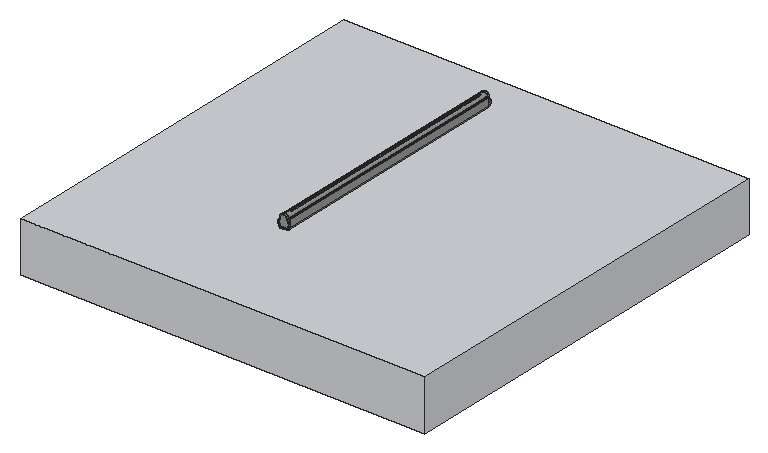
Revit family "L-trade II 65", category Осветительные приборы, Revit 2017 (continued)
Types (6, lengths in mm): name | Цветовая температура | Световой поток светильника | Кривая сил света | Wattage | built-in parameter 1150134 | Файл фотометрической сетки | built-in parameter 1150142 | built-in parameter 1150105 | Lumens | built-in parameter 1150107 | built-in parameter 1150106 | Manufacturer | Артикул
  L-trade II 65 5.0K К15 | 5000 K | 7411 lm | "К15" | 49.8916 W | 2 | "L-trade II 65-22-K15-5.0-01.ies" | "IESNA:LM-63-1995\r\n[TEST]LEDEL\r\n[DATA]17.01.2017\r\n[MANUFAC]LEDEL\r\n[LUMCAT]L-trade II 65/65/К15/5.0/01\r\n[LUMINAIRE]Для освещения торговых залов, промышленных помещений, складов, магазинов, спортивных сооружений и т.д.  \r\n[LAMPCAT]LED\r\n[LAMP]OSRAM SQUARE\r\nTILT=NONE\r\n\r\n1 7411 1.14597 37 19 1 2 1.531 0.05 0.123\r\n\r\n1 1 65\r\n\r\n  0 2.5 5 7.5 10 12.5 15 17.5 20 22.5 25 27.5 30 32.5 35 37.5 40 42.5 45 47.5\r\n 50 52.5 55 57.5 60 62.5 65 67.5 70 72.5 75 77.5 80 82.5 85 87.5 90\r\n\r\n  0 5 10 15 20 25 30 35 40 45 50 55 60 65 70 75\r\n  80 85 90 \r\n\r\n  31577 30708 27040 21987 16469 11472 7577 4708 2995 2122 1611 1250 953 863 658\r\n  625 522 444 363 308 295 182 227 241 159 137 91 126 114 81\r\n  69 46 46 116 69 11 69\r\n  31509 30761 27290 22294 16742 11699 7759 4893 3108 2133 1611 1271 999 863 681\r\n  601 568 454 363 283 318 287 273 203 182 137 69 102 91 56\r\n  91 46 91 32 69 70 91\r\n  31509 30761 27290 22294 16742 11699 7759 4893 3108 2133 1611 1271 999 863 681\r\n  601 568 454 363 283 318 287 273 203 182 137 69 102 91 56\r\n  91 46 91 32 69 70 91\r\n  31509 30761 27290 22294 16742 11699 7759 4893 3108 2133 1611 1271 999 863 681\r\n  601 568 454 363 283 318 287 273 203 182 137 69 102 91 56\r\n  91 46 91 32 69 70 91\r\n  31509 30761 27290 22294 16742 11699 7759 4893 3108 2133 1611 1271 999 863 681\r\n  601 568 454 363 283 318 287 273 203 182 137 69 102 91 56\r\n  91 46 91 32 69 70 91\r\n  31509 30761 27290 22294 16742 11699 7759 4893 3108 2133 1611 1271 999 863 681\r\n  601 568 454 363 283 318 287 273 203 182 137 69 102 91 56\r\n  91 46 91 32 69 70 91\r\n  31509 30761 27290 22294 16742 11699 7759 4893 3108 2133 1611 1271 999 863 681\r\n  601 568 454 363 283 318 287 273 203 182 137 69 102 91 56\r\n  91 46 91 32 69 70 91\r\n  31509 30761 27290 22294 16742 11699 7759 4893 3108 2133 1611 1271 999 863 681\r\n  601 568 454 363 283 318 287 273 203 182 137 69 102 91 56\r\n  91 46 91 32 69 70 91\r\n  31509 30761 27290 22294 16742 11699 7759 4893 3108 2133 1611 1271 999 863 681\r\n  601 568 454 363 283 318 287 273 203 182 137 69 102 91 56\r\n  91 46 91 32 69 70 91\r\n  31509 30761 27290 22294 16742 11699 7759 4893 3108 2133 1611 1271 999 863 681\r\n  601 568 454 363 283 318 287 273 203 182 137 69 102 91 56\r\n  91 46 91 32 69 70 91\r\n  31509 30761 27290 22294 16742 11699 7759 4893 3108 2133 1611 1271 999 863 681\r\n  601 568 454 363 283 318 287 273 203 182 137 69 102 91 56\r\n  91 46 91 32 69 70 91\r\n  31509 30761 27290 22294 16742 11699 7759 4893 3108 2133 1611 1271 999 863 681\r\n  601 568 454 363 283 318 287 273 203 182 137 69 102 91 56\r\n  91 46 91 32 69 70 91\r\n  31509 30761 27290 22294 16742 11699 7759 4893 3108 2133 1611 1271 999 863 681\r\n  601 568 454 363 283 318 287 273 203 182 137 69 102 91 56\r\n  91 46 91 32 69 70 91\r\n  31509 30761 27290 22294 16742 11699 7759 4893 3108 2133 1611 1271 999 863 681\r\n  601 568 454 363 283 318 287 273 203 182 137 69 102 91 56\r\n  91 46 91 32 69 70 91\r\n  31509 30761 27290 22294 16742 11699 7759 4893 3108 2133 1611 1271 999 863 681\r\n  601 568 454 363 283 318 287 273 203 182 137 69 102 91 56\r\n  91 46 91 32 69 70 91\r\n  31509 30761 27290 22294 16742 11699 7759 4893 3108 2133 1611 1271 999 863 681\r\n  601 568 454 363 283 318 287 273 203 182 137 69 102 91 56\r\n  91 46 91 32 69 70 91\r\n  31509 30761 27290 22294 16742 11699 7759 4893 3108 2133 1611 1271 999 863 681\r\n  601 568 454 363 283 318 287 273 203 182 137 69 102 91 56\r\n  91 46 91 32 69 70 91\r\n  31509 30761 27290 22294 16742 11699 7759 4893 3108 2133 1611 1271 999 863 681\r\n  601 568 454 363 283 318 287 273 203 182 137 69 102 91 56\r\n  91 46 91 32 69 70 91\r\n  31509 30761 27290 22294 16742 11699 7759 4893 3108 2133 1611 1271 999 863 681\r\n  601 568 454 363 283 318 287 273 203 182 137 69 102 91 56\r\n  91 46 91 32 69 70 91\r\n  31509 29215 24772 19310 13883 9353 5921 3672 2382 1770 1384 1100 863 681 636\r\n  545 454 409 341 273 273 182 182 137 159 137 114 126 114 91\r\n  69 91 46 46 46 46 23\r\n  31509 29215 24772 19310 13883 9353 5921 3672 2382 1770 1384 1100 863 681 636\r\n  545 454 409 341 273 273 182 182 137 159 137 114 126 114 91\r\n  69 91 46 46 46 46 23\r\n  31509 29215 24772 19310 13883 9353 5921 3672 2382 1770 1384 1100 863 681 636\r\n  545 454 409 341 273 273 182 182 137 159 137 114 126 114 91\r\n  69 91 46 46 46 46 23\r\n  31509 29215 24772 19310 13883 9353 5921 3672 2382 1770 1384 1100 863 681 636\r\n  545 454 409 341 273 273 182 182 137 159 137 114 126 114 91\r\n  69 91 46 46 46 46 23\r\n  31509 29215 24772 19310 13883 9353 5921 3672 2382 1770 1384 1100 863 681 636\r\n  545 454 409 341 273 273 182 182 137 159 137 114 126 114 91\r\n  69 91 46 46 46 46 23\r\n  31509 29215 24772 19310 13883 9353 5921 3672 2382 1770 1384 1100 863 681 636\r\n  545 454 409 341 273 273 182 182 137 159 137 114 126 114 91\r\n  69 91 46 46 46 46 23\r\n  31509 29215 24772 19310 13883 9353 5921 3672 2382 1770 1384 1100 863 681 636\r\n  545 454 409 341 273 273 182 182 137 159 137 114 126 114 91\r\n  69 91 46 46 46 46 23\r\n  31509 29215 24772 19310 13883 9353 5921 3672 2382 1770 1384 1100 863 681 636\r\n  545 454 409 341 273 273 182 182 137 159 137 114 126 114 91\r\n  69 91 46 46 46 46 23\r\n  31509 29215 24772 19310 13883 9353 5921 3672 2382 1770 1384 1100 863 681 636\r\n  545 454 409 341 273 273 182 182 137 159 137 114 126 114 91\r\n  69 91 46 46 46 46 23\r\n  31509 29215 24772 19310 13883 9353 5921 3672 2382 1770 1384 1100 863 681 636\r\n  545 454 409 341 273 273 182 182 137 159 137 114 126 114 91\r\n  69 91 46 46 46 46 23\r\n  31509 29215 24772 19310 13883 9353 5921 3672 2382 1770 1384 1100 863 681 636\r\n  545 454 409 341 273 273 182 182 137 159 137 114 126 114 91\r\n  69 91 46 46 46 46 23\r\n  31509 29215 24772 19310 13883 9353 5921 3672 2382 1770 1384 1100 863 681 636\r\n  545 454 409 341 273 273 182 182 137 159 137 114 126 114 91\r\n  69 91 46 46 46 46 23\r\n  31509 29215 24772 19310 13883 9353 5921 3672 2382 1770 1384 1100 863 681 636\r\n  545 454 409 341 273 273 182 182 137 159 137 114 126 114 91\r\n  69 91 46 46 46 46 23\r\n  31509 29215 24772 19310 13883 9353 5921 3672 2382 1770 1384 1100 863 681 636\r\n  545 454 409 341 273 273 182 182 137 159 137 114 126 114 91\r\n  69 91 46 46 46 46 23\r\n  31509 29215 24772 19310 13883 9353 5921 3672 2382 1770 1384 1100 863 681 636\r\n  545 454 409 341 273 273 182 182 137 159 137 114 126 114 91\r\n  69 91 46 46 46 46 23\r\n  31509 29215 24772 19310 13883 9353 5921 3672 2382 1770 1384 1100 863 681 636\r\n  545 454 409 341 273 273 182 182 137 159 137 114 126 114 91\r\n  69 91 46 46 46 46 23\r\n  31509 29215 24772 19310 13883 9353 5921 3672 2382 1770 1384 1100 863 681 636\r\n  545 454 409 341 273 273 182 182 137 159 137 114 126 114 91\r\n  69 91 46 46 46 46 23\r\n  31577 29407 25044 19617 14156 9570 6057 3832 2450 1780 1384 1124 863 681 636\r\n  545 454 409 341 283 295 203 227 137 137 137 114 91 91 91\r\n  69 91 23 35 46 46 46\r\n\r\n" | 589.75 (stored number, unit not read) | 7411 lm | 5000 (stored number, unit not read) | 5.8975 (stored number, unit not read) | "LEDEL" | "210037"
  L-trade II 65 4.0K Г30 | 4000 K | 7433 lm | "Г30" | 50.0397 W | 12 | "L-trade II 65-22-G30-4.0-01.ies" | "IESNA:LM-63-1995\r\n[TEST]LEDEL\r\n[DATA]17.07.2017\r\n[MANUFAC]LEDEL\r\n[LUMCAT]L-Trade II 65/65/Г30/4.0/01\r\n[LUMINAIRE]Для освещения торговых залов, промышленных помещений, складов, магазинов, спортивных сооружений и т.д.  \r\n[LAMPCAT]LED\r\n[LAMP]OSRAM SQUARE\r\nTILT=NONE\r\n\r\n1 7433 1.229204 37 19 1 2 1.531 0.05 0.123\r\n\r\n1 1 65\r\n\r\n\r\n\r\n 0 2.5 5 7.5 10 12.5 15 17.5 20 22.5 25 27.5 30 32.5 35 37.5 40 42.5 45 47.5\r\n 50 52.5 55 57.5 60 62.5 65 67.5 70 72.5 75 77.5 80 82.5 85 87.5 90\r\n\r\n  0 5 10 15 20 25 30 35 40 45 50 55 60 65 70 75\r\n  80 85 90\r\n\r\n  13407 13223 12454 11253 9778 8270 6829 5515 4416 3502 2776 2195 1717 1373 1112\r\n  889 734 605 515 439 379 318 295 269 242 197 182 152 137 121\r\n  106 103 61 61 46 46 53\r\n  13392 13245 12515 11325 9861 8346 6897 5582 4462 3544 2813 2208 1732 1377 1112\r\n  893 726 617 515 451 386 341 295 273 227 220 190 152 137 121\r\n  99 95 76 49 46 34 53\r\n  13392 13245 12515 11325 9861 8346 6897 5582 4462 3544 2813 2208 1732 1377 1112\r\n  893 726 617 515 451 386 341 295 273 227 220 190 152 137 121\r\n  99 95 76 49 46 34 53\r\n  13392 13245 12515 11325 9861 8346 6897 5582 4462 3544 2813 2208 1732 1377 1112\r\n  893 726 617 515 451 386 341 295 273 227 220 190 152 137 121\r\n  99 95 76 49 46 34 53\r\n  13392 13245 12515 11325 9861 8346 6897 5582 4462 3544 2813 2208 1732 1377 1112\r\n  893 726 617 515 451 386 341 295 273 227 220 190 152 137 121\r\n  99 95 76 49 46 34 53\r\n  13392 13245 12515 11325 9861 8346 6897 5582 4462 3544 2813 2208 1732 1377 1112\r\n  893 726 617 515 451 386 341 295 273 227 220 190 152 137 121\r\n  99 95 76 49 46 34 53\r\n  13392 13245 12515 11325 9861 8346 6897 5582 4462 3544 2813 2208 1732 1377 1112\r\n  893 726 617 515 451 386 341 295 273 227 220 190 152 137 121\r\n  99 95 76 49 46 34 53\r\n  13392 13245 12515 11325 9861 8346 6897 5582 4462 3544 2813 2208 1732 1377 1112\r\n  893 726 617 515 451 386 341 295 273 227 220 190 152 137 121\r\n  99 95 76 49 46 34 53\r\n  13392 13245 12515 11325 9861 8346 6897 5582 4462 3544 2813 2208 1732 1377 1112\r\n  893 726 617 515 451 386 341 295 273 227 220 190 152 137 121\r\n  99 95 76 49 46 34 53\r\n  13392 13245 12515 11325 9861 8346 6897 5582 4462 3544 2813 2208 1732 1377 1112\r\n  893 726 617 515 451 386 341 295 273 227 220 190 152 137 121\r\n  99 95 76 49 46 34 53\r\n  13392 13245 12515 11325 9861 8346 6897 5582 4462 3544 2813 2208 1732 1377 1112\r\n  893 726 617 515 451 386 341 295 273 227 220 190 152 137 121\r\n  99 95 76 49 46 34 53\r\n  13392 13245 12515 11325 9861 8346 6897 5582 4462 3544 2813 2208 1732 1377 1112\r\n  893 726 617 515 451 386 341 295 273 227 220 190 152 137 121\r\n  99 95 76 49 46 34 53\r\n  13392 13245 12515 11325 9861 8346 6897 5582 4462 3544 2813 2208 1732 1377 1112\r\n  893 726 617 515 451 386 341 295 273 227 220 190 152 137 121\r\n  99 95 76 49 46 34 53\r\n  13392 13245 12515 11325 9861 8346 6897 5582 4462 3544 2813 2208 1732 1377 1112\r\n  893 726 617 515 451 386 341 295 273 227 220 190 152 137 121\r\n  99 95 76 49 46 34 53\r\n  13392 13245 12515 11325 9861 8346 6897 5582 4462 3544 2813 2208 1732 1377 1112\r\n  893 726 617 515 451 386 341 295 273 227 220 190 152 137 121\r\n  99 95 76 49 46 34 53\r\n  13392 13245 12515 11325 9861 8346 6897 5582 4462 3544 2813 2208 1732 1377 1112\r\n  893 726 617 515 451 386 341 295 273 227 220 190 152 137 121\r\n  99 95 76 49 46 34 53\r\n  13392 13245 12515 11325 9861 8346 6897 5582 4462 3544 2813 2208 1732 1377 1112\r\n  893 726 617 515 451 386 341 295 273 227 220 190 152 137 121\r\n  99 95 76 49 46 34 53\r\n  13392 13245 12515 11325 9861 8346 6897 5582 4462 3544 2813 2208 1732 1377 1112\r\n  893 726 617 515 451 386 341 295 273 227 220 190 152 137 121\r\n  99 95 76 49 46 34 53\r\n  13392 13245 12515 11325 9861 8346 6897 5582 4462 3544 2813 2208 1732 1377 1112\r\n  893 726 617 515 451 386 341 295 273 227 220 190 152 137 121\r\n  99 95 76 49 46 34 53\r\n  13392 12956 12038 10755 9324 7870 6519 5292 4250 3360 2692 2125 1679 1327 1067\r\n  878 704 594 515 427 371 325 288 234 205 182 152 137 114 91\r\n  61 46 46 31 23 16 31\r\n  13392 12956 12038 10755 9324 7870 6519 5292 4250 3360 2692 2125 1679 1327 1067\r\n  878 704 594 515 427 371 325 288 234 205 182 152 137 114 91\r\n  61 46 46 31 23 16 31\r\n  13392 12956 12038 10755 9324 7870 6519 5292 4250 3360 2692 2125 1679 1327 1067\r\n  878 704 594 515 427 371 325 288 234 205 182 152 137 114 91\r\n  61 46 46 31 23 16 31\r\n  13392 12956 12038 10755 9324 7870 6519 5292 4250 3360 2692 2125 1679 1327 1067\r\n  878 704 594 515 427 371 325 288 234 205 182 152 137 114 91\r\n  61 46 46 31 23 16 31\r\n  13392 12956 12038 10755 9324 7870 6519 5292 4250 3360 2692 2125 1679 1327 1067\r\n  878 704 594 515 427 371 325 288 234 205 182 152 137 114 91\r\n  61 46 46 31 23 16 31\r\n  13392 12956 12038 10755 9324 7870 6519 5292 4250 3360 2692 2125 1679 1327 1067\r\n  878 704 594 515 427 371 325 288 234 205 182 152 137 114 91\r\n  61 46 46 31 23 16 31\r\n  13392 12956 12038 10755 9324 7870 6519 5292 4250 3360 2692 2125 1679 1327 1067\r\n  878 704 594 515 427 371 325 288 234 205 182 152 137 114 91\r\n  61 46 46 31 23 16 31\r\n  13392 12956 12038 10755 9324 7870 6519 5292 4250 3360 2692 2125 1679 1327 1067\r\n  878 704 594 515 427 371 325 288 234 205 182 152 137 114 91\r\n  61 46 46 31 23 16 31\r\n  13392 12956 12038 10755 9324 7870 6519 5292 4250 3360 2692 2125 1679 1327 1067\r\n  878 704 594 515 427 371 325 288 234 205 182 152 137 114 91\r\n  61 46 46 31 23 16 31\r\n  13392 12956 12038 10755 9324 7870 6519 5292 4250 3360 2692 2125 1679 1327 1067\r\n  878 704 594 515 427 371 325 288 234 205 182 152 137 114 91\r\n  61 46 46 31 23 16 31\r\n  13392 12956 12038 10755 9324 7870 6519 5292 4250 3360 2692 2125 1679 1327 1067\r\n  878 704 594 515 427 371 325 288 234 205 182 152 137 114 91\r\n  61 46 46 31 23 16 31\r\n  13392 12956 12038 10755 9324 7870 6519 5292 4250 3360 2692 2125 1679 1327 1067\r\n  878 704 594 515 427 371 325 288 234 205 182 152 137 114 91\r\n  61 46 46 31 23 16 31\r\n  13392 12956 12038 10755 9324 7870 6519 5292 4250 3360 2692 2125 1679 1327 1067\r\n  878 704 594 515 427 371 325 288 234 205 182 152 137 114 91\r\n  61 46 46 31 23 16 31\r\n  13392 12956 12038 10755 9324 7870 6519 5292 4250 3360 2692 2125 1679 1327 1067\r\n  878 704 594 515 427 371 325 288 234 205 182 152 137 114 91\r\n  61 46 46 31 23 16 31\r\n  13392 12956 12038 10755 9324 7870 6519 5292 4250 3360 2692 2125 1679 1327 1067\r\n  878 704 594 515 427 371 325 288 234 205 182 152 137 114 91\r\n  61 46 46 31 23 16 31\r\n  13392 12956 12038 10755 9324 7870 6519 5292 4250 3360 2692 2125 1679 1327 1067\r\n  878 704 594 515 427 371 325 288 234 205 182 152 137 114 91\r\n  61 46 46 31 23 16 31\r\n  13392 12956 12038 10755 9324 7870 6519 5292 4250 3360 2692 2125 1679 1327 1067\r\n  878 704 594 515 427 371 325 288 234 205 182 152 137 114 91\r\n  61 46 46 31 23 16 31\r\n  13407 12998 12091 10831 9415 7958 6587 5353 4288 3432 2723 2158 1709 1365 1074\r\n  881 711 605 515 436 379 338 273 258 205 182 152 137 106 91\r\n  61 49 53 31 23 19 23\r\n\r" | 591.5 (stored number, unit not read) | 7433 lm | 4000 (stored number, unit not read) | 5.915 (stored number, unit not read) | "" | "323106504741300"
  L-trade II 65 5.0K Г30 | 5000 K | 7433 lm | "Г30" | 50.0397 W | 2 | "L-trade II 65-22-G30-5.0-01.ies" | "IESNA:LM-63-1995\r\n[TEST]LEDEL\r\n[DATA]17.07.2017\r\n[MANUFAC]LEDEL\r\n[LUMCAT]L-Trade II 65/65/Г30/5.0/01\r\n[LUMINAIRE]Для освещения торговых залов, промышленных помещений, складов, магазинов, спортивных сооружений и т.д.  \r\n[LAMPCAT]LED\r\n[LAMP]OSRAM SQUARE\r\nTILT=NONE\r\n\r\n1 7433 1.229204 37 19 1 2 1.531 0.05 0.123\r\n\r\n1 1 65\r\n\r\n\r\n\r\n 0 2.5 5 7.5 10 12.5 15 17.5 20 22.5 25 27.5 30 32.5 35 37.5 40 42.5 45 47.5\r\n 50 52.5 55 57.5 60 62.5 65 67.5 70 72.5 75 77.5 80 82.5 85 87.5 90\r\n\r\n  0 5 10 15 20 25 30 35 40 45 50 55 60 65 70 75\r\n  80 85 90\r\n\r\n  13407 13223 12454 11253 9778 8270 6829 5515 4416 3502 2776 2195 1717 1373 1112\r\n  889 734 605 515 439 379 318 295 269 242 197 182 152 137 121\r\n  106 103 61 61 46 46 53\r\n  13392 13245 12515 11325 9861 8346 6897 5582 4462 3544 2813 2208 1732 1377 1112\r\n  893 726 617 515 451 386 341 295 273 227 220 190 152 137 121\r\n  99 95 76 49 46 34 53\r\n  13392 13245 12515 11325 9861 8346 6897 5582 4462 3544 2813 2208 1732 1377 1112\r\n  893 726 617 515 451 386 341 295 273 227 220 190 152 137 121\r\n  99 95 76 49 46 34 53\r\n  13392 13245 12515 11325 9861 8346 6897 5582 4462 3544 2813 2208 1732 1377 1112\r\n  893 726 617 515 451 386 341 295 273 227 220 190 152 137 121\r\n  99 95 76 49 46 34 53\r\n  13392 13245 12515 11325 9861 8346 6897 5582 4462 3544 2813 2208 1732 1377 1112\r\n  893 726 617 515 451 386 341 295 273 227 220 190 152 137 121\r\n  99 95 76 49 46 34 53\r\n  13392 13245 12515 11325 9861 8346 6897 5582 4462 3544 2813 2208 1732 1377 1112\r\n  893 726 617 515 451 386 341 295 273 227 220 190 152 137 121\r\n  99 95 76 49 46 34 53\r\n  13392 13245 12515 11325 9861 8346 6897 5582 4462 3544 2813 2208 1732 1377 1112\r\n  893 726 617 515 451 386 341 295 273 227 220 190 152 137 121\r\n  99 95 76 49 46 34 53\r\n  13392 13245 12515 11325 9861 8346 6897 5582 4462 3544 2813 2208 1732 1377 1112\r\n  893 726 617 515 451 386 341 295 273 227 220 190 152 137 121\r\n  99 95 76 49 46 34 53\r\n  13392 13245 12515 11325 9861 8346 6897 5582 4462 3544 2813 2208 1732 1377 1112\r\n  893 726 617 515 451 386 341 295 273 227 220 190 152 137 121\r\n  99 95 76 49 46 34 53\r\n  13392 13245 12515 11325 9861 8346 6897 5582 4462 3544 2813 2208 1732 1377 1112\r\n  893 726 617 515 451 386 341 295 273 227 220 190 152 137 121\r\n  99 95 76 49 46 34 53\r\n  13392 13245 12515 11325 9861 8346 6897 5582 4462 3544 2813 2208 1732 1377 1112\r\n  893 726 617 515 451 386 341 295 273 227 220 190 152 137 121\r\n  99 95 76 49 46 34 53\r\n  13392 13245 12515 11325 9861 8346 6897 5582 4462 3544 2813 2208 1732 1377 1112\r\n  893 726 617 515 451 386 341 295 273 227 220 190 152 137 121\r\n  99 95 76 49 46 34 53\r\n  13392 13245 12515 11325 9861 8346 6897 5582 4462 3544 2813 2208 1732 1377 1112\r\n  893 726 617 515 451 386 341 295 273 227 220 190 152 137 121\r\n  99 95 76 49 46 34 53\r\n  13392 13245 12515 11325 9861 8346 6897 5582 4462 3544 2813 2208 1732 1377 1112\r\n  893 726 617 515 451 386 341 295 273 227 220 190 152 137 121\r\n  99 95 76 49 46 34 53\r\n  13392 13245 12515 11325 9861 8346 6897 5582 4462 3544 2813 2208 1732 1377 1112\r\n  893 726 617 515 451 386 341 295 273 227 220 190 152 137 121\r\n  99 95 76 49 46 34 53\r\n  13392 13245 12515 11325 9861 8346 6897 5582 4462 3544 2813 2208 1732 1377 1112\r\n  893 726 617 515 451 386 341 295 273 227 220 190 152 137 121\r\n  99 95 76 49 46 34 53\r\n  13392 13245 12515 11325 9861 8346 6897 5582 4462 3544 2813 2208 1732 1377 1112\r\n  893 726 617 515 451 386 341 295 273 227 220 190 152 137 121\r\n  99 95 76 49 46 34 53\r\n  13392 13245 12515 11325 9861 8346 6897 5582 4462 3544 2813 2208 1732 1377 1112\r\n  893 726 617 515 451 386 341 295 273 227 220 190 152 137 121\r\n  99 95 76 49 46 34 53\r\n  13392 13245 12515 11325 9861 8346 6897 5582 4462 3544 2813 2208 1732 1377 1112\r\n  893 726 617 515 451 386 341 295 273 227 220 190 152 137 121\r\n  99 95 76 49 46 34 53\r\n  13392 12956 12038 10755 9324 7870 6519 5292 4250 3360 2692 2125 1679 1327 1067\r\n  878 704 594 515 427 371 325 288 234 205 182 152 137 114 91\r\n  61 46 46 31 23 16 31\r\n  13392 12956 12038 10755 9324 7870 6519 5292 4250 3360 2692 2125 1679 1327 1067\r\n  878 704 594 515 427 371 325 288 234 205 182 152 137 114 91\r\n  61 46 46 31 23 16 31\r\n  13392 12956 12038 10755 9324 7870 6519 5292 4250 3360 2692 2125 1679 1327 1067\r\n  878 704 594 515 427 371 325 288 234 205 182 152 137 114 91\r\n  61 46 46 31 23 16 31\r\n  13392 12956 12038 10755 9324 7870 6519 5292 4250 3360 2692 2125 1679 1327 1067\r\n  878 704 594 515 427 371 325 288 234 205 182 152 137 114 91\r\n  61 46 46 31 23 16 31\r\n  13392 12956 12038 10755 9324 7870 6519 5292 4250 3360 2692 2125 1679 1327 1067\r\n  878 704 594 515 427 371 325 288 234 205 182 152 137 114 91\r\n  61 46 46 31 23 16 31\r\n  13392 12956 12038 10755 9324 7870 6519 5292 4250 3360 2692 2125 1679 1327 1067\r\n  878 704 594 515 427 371 325 288 234 205 182 152 137 114 91\r\n  61 46 46 31 23 16 31\r\n  13392 12956 12038 10755 9324 7870 6519 5292 4250 3360 2692 2125 1679 1327 1067\r\n  878 704 594 515 427 371 325 288 234 205 182 152 137 114 91\r\n  61 46 46 31 23 16 31\r\n  13392 12956 12038 10755 9324 7870 6519 5292 4250 3360 2692 2125 1679 1327 1067\r\n  878 704 594 515 427 371 325 288 234 205 182 152 137 114 91\r\n  61 46 46 31 23 16 31\r\n  13392 12956 12038 10755 9324 7870 6519 5292 4250 3360 2692 2125 1679 1327 1067\r\n  878 704 594 515 427 371 325 288 234 205 182 152 137 114 91\r\n  61 46 46 31 23 16 31\r\n  13392 12956 12038 10755 9324 7870 6519 5292 4250 3360 2692 2125 1679 1327 1067\r\n  878 704 594 515 427 371 325 288 234 205 182 152 137 114 91\r\n  61 46 46 31 23 16 31\r\n  13392 12956 12038 10755 9324 7870 6519 5292 4250 3360 2692 2125 1679 1327 1067\r\n  878 704 594 515 427 371 325 288 234 205 182 152 137 114 91\r\n  61 46 46 31 23 16 31\r\n  13392 12956 12038 10755 9324 7870 6519 5292 4250 3360 2692 2125 1679 1327 1067\r\n  878 704 594 515 427 371 325 288 234 205 182 152 137 114 91\r\n  61 46 46 31 23 16 31\r\n  13392 12956 12038 10755 9324 7870 6519 5292 4250 3360 2692 2125 1679 1327 1067\r\n  878 704 594 515 427 371 325 288 234 205 182 152 137 114 91\r\n  61 46 46 31 23 16 31\r\n  13392 12956 12038 10755 9324 7870 6519 5292 4250 3360 2692 2125 1679 1327 1067\r\n  878 704 594 515 427 371 325 288 234 205 182 152 137 114 91\r\n  61 46 46 31 23 16 31\r\n  13392 12956 12038 10755 9324 7870 6519 5292 4250 3360 2692 2125 1679 1327 1067\r\n  878 704 594 515 427 371 325 288 234 205 182 152 137 114 91\r\n  61 46 46 31 23 16 31\r\n  13392 12956 12038 10755 9324 7870 6519 5292 4250 3360 2692 2125 1679 1327 1067\r\n  878 704 594 515 427 371 325 288 234 205 182 152 137 114 91\r\n  61 46 46 31 23 16 31\r\n  13392 12956 12038 10755 9324 7870 6519 5292 4250 3360 2692 2125 1679 1327 1067\r\n  878 704 594 515 427 371 325 288 234 205 182 152 137 114 91\r\n  61 46 46 31 23 16 31\r\n  13407 12998 12091 10831 9415 7958 6587 5353 4288 3432 2723 2158 1709 1365 1074\r\n  881 711 605 515 436 379 338 273 258 205 182 152 137 106 91\r\n  61 49 53 31 23 19 23\r\n\r" | 591.5 (stored number, unit not read) | 7433 lm | 5000 (stored number, unit not read) | 5.915 (stored number, unit not read) | "" | "210039"
